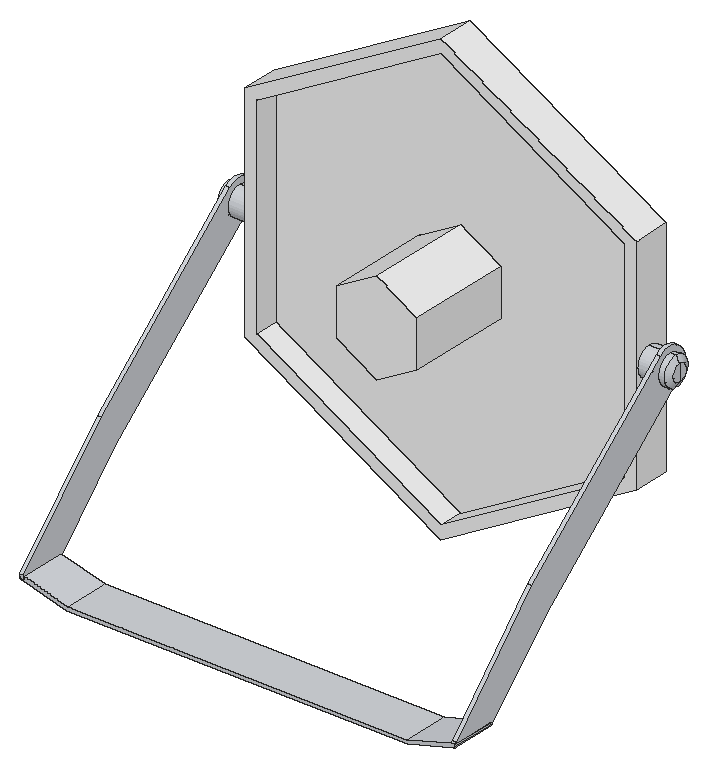
Revit family "Lighting-Floodlights-GEWISS-ESALITE-FL-LED_24K_DALI", category Apparecchi per illuminazione, host Superficie, Revit 2019 (continued)
Definition of nested family "Laterale - FL24"
  Lines and regions (mm)
    detail lines, in view "Livello rif."
      curve 310: line (-342.241, 0.617, 0) -> (-341.851, 0.369, 0)
      curve 311: line (-341.851, 0.369, 0) -> (-341.599, 0.236, 0)
      curve 312: line (-341.599, 0.236, 0) -> (-341.36, 0.132, 0)
      curve 313: line (-341.36, 0.132, 0) -> (-341.045, 0.032, 0)
      curve 314: line (-341.045, 0.032, 0) -> (-340.801, 0, 0)
      curve 315: line (-208.306, 86.16, 0) -> (-208.84, 85.911, 0)
      curve 316: line (-208.84, 85.911, 0) -> (-209.194, 85.725, 0)
      curve 317: line (-209.194, 85.725, 0) -> (-209.88, 85.332, 0)
      curve 318: line (-209.88, 85.332, 0) -> (-210.897, 84.701, 0)
      curve 319: line (-210.897, 84.701, 0) -> (-211.882, 84.069, 0)
      curve 320: line (-211.882, 84.069, 0) -> (-212.37, 83.76, 0)
      curve 321: line (-212.37, 83.76, 0) -> (-212.998, 83.384, 0)
      curve 322: line (-212.998, 83.384, 0) -> (-213.309, 83.216, 0)
      curve 323: line (-208.306, 146.251, 0) -> (-208.726, 146.092, 0)
      curve 324: line (-208.726, 146.092, 0) -> (-209.238, 145.923, 0)
      curve 325: line (-209.238, 145.923, 0) -> (-210.286, 145.605, 0)
      curve 326: line (-210.286, 145.605, 0) -> (-211.386, 145.275, 0)
      curve 327: line (-211.386, 145.275, 0) -> (-212.446, 144.931, 0)
      curve 328: line (-212.446, 144.931, 0) -> (-212.916, 144.756, 0)
      curve 329: line (-212.916, 144.756, 0) -> (-213.309, 144.581, 0)
      curve 330: arc (5.288, 265.386, 0) -> (8.111, 297.828, 0) -> (-24.334, 300.621, 0) r 23.016
      curve 331: circle (-9.507, 283.018, 0) r 7.405 normal (0, 0, 1)
      curve 332: circle (-9.507, 283.018, 0) r 10.707 normal (0, 0, 1)
      curve 333: line (-135.704, 289.405, 0) -> (-85.55, 290.28, 0)
      curve 334: line (-135.704, 276.63, 0) -> (-85.536, 275.755, 0)
      curve 335: line (-65.164, 427.446, 0) -> (-59.787, 427.538, 0)
      curve 336: line (-59.787, 427.538, 0) -> (-65.164, 427.446, 0)
      curve 337: line (-136.695, 277.631, 0) -> (-136.695, 288.404, 0)
      curve 338: line (-100.88, 336.015, 0) -> (-102.35, 336.015, 0)
      curve 339: line (-103.454, 328.872, 0) -> (-102.975, 328.049, 0)
      curve 340: line (-102.975, 328.049, 0) -> (-102.78, 328.055, 0)
      curve 341: line (-102.78, 328.055, 0) -> (-102.308, 328.873, 0)
      curve 342: line (-102.703, 357.247, 0) -> (-102.224, 358.07, 0)
      curve 343: line (-102.224, 358.07, 0) -> (-102.03, 358.064, 0)
      curve 344: line (-102.03, 358.064, 0) -> (-101.558, 357.246, 0)
      curve 345: line (-104.205, 357.246, 0) -> (-103.725, 358.07, 0)
      curve 346: line (-103.725, 358.07, 0) -> (-103.531, 358.064, 0)
      curve 347: line (-103.531, 358.064, 0) -> (-103.06, 357.248, 0)
      curve 348: line (-104.955, 328.872, 0) -> (-104.476, 328.049, 0)
      curve 349: line (-104.476, 328.049, 0) -> (-104.282, 328.055, 0)
      curve 350: line (-104.282, 328.055, 0) -> (-103.81, 328.871, 0)
      curve 351: line (-105.706, 357.246, 0) -> (-105.226, 358.07, 0)
      curve 352: line (-105.226, 358.07, 0) -> (-105.032, 358.064, 0)
      curve 353: line (-105.032, 358.064, 0) -> (-104.56, 357.247, 0)
      curve 354: line (-106.456, 328.872, 0) -> (-105.977, 328.049, 0)
      curve 355: line (-105.977, 328.049, 0) -> (-105.783, 328.055, 0)
      curve 356: line (-105.783, 328.055, 0) -> (-105.311, 328.871, 0)
      curve 357: line (-107.207, 357.246, 0) -> (-106.727, 358.07, 0)
      curve 358: line (-106.727, 358.07, 0) -> (-106.533, 358.064, 0)
      curve 359: line (-106.533, 358.064, 0) -> (-106.061, 357.247, 0)
      curve 360: line (-107.957, 328.872, 0) -> (-107.478, 328.049, 0)
      curve 361: line (-107.478, 328.049, 0) -> (-107.284, 328.055, 0)
      curve 362: line (-107.284, 328.055, 0) -> (-106.812, 328.871, 0)
      curve 363: line (-108.708, 357.246, 0) -> (-108.228, 358.07, 0)
      curve 364: line (-108.228, 358.07, 0) -> (-108.034, 358.064, 0)
      curve 365: line (-108.034, 358.064, 0) -> (-107.562, 357.247, 0)
      curve 366: line (-109.458, 328.872, 0) -> (-108.979, 328.049, 0)
      curve 367: line (-108.979, 328.049, 0) -> (-108.785, 328.055, 0)
      curve 368: line (-108.785, 328.055, 0) -> (-108.313, 328.871, 0)
      curve 369: line (-110.208, 357.247, 0) -> (-109.729, 358.07, 0)
      curve 370: line (-109.729, 358.07, 0) -> (-109.535, 358.064, 0)
      curve 371: line (-109.535, 358.064, 0) -> (-109.064, 357.247, 0)
      curve 372: line (-110.286, 328.055, 0) -> (-109.814, 328.871, 0)
      curve 373: line (-100.616, 328.97, 0) -> (-102.131, 328.97, 0)
      curve 374: line (-95.749, 326.048, 0) -> (-99.607, 326.048, 0)
      curve 375: line (-94.707, 327.879, 0) -> (-79.082, 327.879, 0)
      curve 376: line (-100.598, 357.149, 0) -> (-101.38, 357.149, 0)
      curve 377: line (-95.748, 360.071, 0) -> (-99.607, 360.071, 0)
      curve 378: line (-94.769, 358.24, 0) -> (-81.148, 358.24, 0)
      curve 379: line (-110.382, 359.86, 0) -> (-110.382, 359.183, 0)
      curve 380: line (-110.382, 359.183, 0) -> (-110.382, 355.274, 0)
      curve 381: line (-110.382, 355.123, 0) -> (-110.382, 351.179, 0)
      curve 382: line (-110.382, 351.056, 0) -> (-110.382, 343.528, 0)
      curve 383: line (-110.382, 343.528, 0) -> (-110.382, 343.36, 0)
      curve 384: line (-110.382, 343.36, 0) -> (-110.382, 338.431, 0)
      curve 385: line (-110.382, 338.431, 0) -> (-110.382, 338.257, 0)
      curve 386: line (-110.382, 338.257, 0) -> (-110.382, 331.508, 0)
      curve 387: line (-110.382, 331.421, 0) -> (-110.382, 328.395, 0)
      curve 388: line (-110.382, 328.271, 0) -> (-110.382, 326.25, 0)
      curve 389: line (-113.384, 359.991, 0) -> (-113.384, 359.384, 0)
      curve 390: line (-113.384, 359.384, 0) -> (-113.384, 357.792, 0)
      curve 391: line (-113.384, 357.792, 0) -> (-113.384, 355.42, 0)
      curve 392: line (-113.384, 355.172, 0) -> (-113.384, 351.36, 0)
      curve 393: line (-113.384, 351.159, 0) -> (-113.384, 343.527, 0)
      curve 394: line (-113.384, 343.255, 0) -> (-113.384, 338.489, 0)
      curve 395: line (-113.384, 331.37, 0) -> (-113.384, 338.203, 0)
      curve 396: line (-113.384, 328.294, 0) -> (-113.384, 331.227, 0)
      curve 397: line (-113.384, 328.093, 0) -> (-113.384, 326.054, 0)
      curve 398: line (-113.384, 326.054, 0) -> (-110.591, 326.054, 0)
      curve 399: line (-133.398, 356.862, 0) -> (-133.398, 356.653, 0)
      curve 400: line (-133.398, 356.653, 0) -> (-133.398, 354.326, 0)
      curve 401: line (-133.398, 354.326, 0) -> (-133.398, 351.926, 0)
      curve 402: line (-133.398, 351.926, 0) -> (-133.398, 347.672, 0)
      curve 403: line (-133.398, 347.672, 0) -> (-133.398, 338.447, 0)
      curve 404: line (-133.398, 338.447, 0) -> (-133.398, 334.099, 0)
      curve 405: line (-133.398, 334.099, 0) -> (-133.398, 329.487, 0)
      curve 406: line (-133.398, 329.487, 0) -> (-133.398, 329.257, 0)
      curve 407: line (-113.382, 360.065, 0) -> (-110.582, 360.065, 0)
      curve 408: line (-132.255, 358.012, 0) -> (-126.655, 358.012, 0)
      curve 409: line (-132.255, 328.107, 0) -> (-126.702, 328.107, 0)
      curve 410: line (-133.252, 357.216, 0) -> (-132.603, 357.865, 0)
      curve 411: line (-133.252, 328.903, 0) -> (-132.603, 328.254, 0)
      curve 412: line (-80.61, 364.415, 0) -> (-77.246, 364.415, 0)
      curve 413: line (57.131, 13.22, 0) -> (60.042, 23.991, 0)
      curve 414: line (60.042, 23.948, 0) -> (60.042, 542.087, 0)
      curve 415: line (0, 259.295, 0) -> (0, 260.949, 0)
      curve 416: line (0, 260.949, 0) -> (0, 33.93, 0)
      curve 417: line (0, 33.93, 0) -> (0, 16.436, 0)
      curve 418: line (0, 16.436, 0) -> (0, 15.899, 0)
      curve 419: line (0, 550.136, 0) -> (0, 532.089, 0)
      curve 420: line (0, 532.089, 0) -> (0, 303.979, 0)
      curve 421: line (56.509, 13.22, 0) -> (0.979, 14.899, 0)
      curve 422: line (56.509, 552.815, 0) -> (0.979, 551.136, 0)
      curve 423: line (-0.981, 34.213, 0) -> (-15.159, 34.489, 0)
      curve 424: line (-15.159, 531.546, 0) -> (-0.949, 531.823, 0)
      curve 425: line (-0.949, 531.823, 0) -> (-15.159, 531.546, 0)
      curve 426: line (-49.495, 79.38, 0) -> (-59.642, 138.254, 0)
      curve 427: line (-49.174, 60.525, 0) -> (-51.634, 74.648, 0)
      curve 428: line (-51.697, 75.344, 0) -> (-51.697, 75.668, 0)
      curve 429: line (-213.309, 83.216, 0) -> (-295.06, 0, 0)
      curve 430: line (-295.06, 0, 0) -> (-340.801, 0, 0)
      curve 431: line (-213.309, 144.581, 0) -> (-345.514, 10.007, 0)
      curve 432: line (5.288, 265.386, 0) -> (-208.306, 86.16, 0)
      curve 433: line (-24.334, 300.621, 0) -> (-208.306, 146.251, 0)
      curve 434: arc (-79.651, 269.739, 0) -> (-79.599, 262.039, 0) -> (-79.491, 254.339, 0) r 1058.743
      curve 435: arc (-74.529, 397.092, 0) -> (-78.292, 346.747, 0) -> (-79.651, 296.28, 0) r 1058.747
      curve 436: line (-102.381, 336.015, 0) -> (-102.282, 331.719, 0)
      curve 437: line (-102.282, 331.719, 0) -> (-102.228, 330.122, 0)
      curve 438: line (-102.228, 330.122, 0) -> (-102.19, 329.401, 0)
      curve 439: line (-102.19, 329.401, 0) -> (-102.15, 329.019, 0)
      curve 440: line (-100.178, 328.71, 0) -> (-100.133, 326.875, 0)
      curve 441: line (-100.133, 326.875, 0) -> (-100.112, 326.552, 0)
      curve 442: line (-100.093, 326.664, 0) -> (-100.081, 326.969, 0)
      curve 443: line (-100.081, 326.969, 0) -> (-100.061, 328.127, 0)
      curve 444: line (-100.061, 328.127, 0) -> (-100.036, 333.103, 0)
      curve 445: line (-100.036, 333.103, 0) -> (-100.036, 340.348, 0)
      curve 446: line (-100.036, 340.348, 0) -> (-100.083, 348.214, 0)
      curve 447: line (-100.083, 348.214, 0) -> (-100.144, 354.902, 0)
      curve 448: line (-100.144, 354.902, 0) -> (-100.179, 357.363, 0)
      curve 449: spline (-110.582, 326.054, 0) -> (-110.556, 326.056, 0) -> (-110.53, 326.061, 0) -> (-110.506, 326.069, 0) -> (-110.482, 326.081, 0) -> (-110.46, 326.096, 0) -> (-110.441, 326.113, 0) -> (-110.423, 326.132, 0) -> (-110.409, 326.154, 0) -> (-110.397, 326.178, 0) -> (-110.389, 326.202, 0) -> (-110.384, 326.228, 0) -> (-110.382, 326.254, 0)
      curve 450: arc (-122.823, 325.447, 0) -> (-122.235, 325.381, 0) -> (-121.646, 325.327, 0) r 25.802
      curve 451: arc (-121.635, 325.326, 0) -> (-117.479, 325.344, 0) -> (-113.384, 326.054, 0) r 24.846
      curve 452: line (-113.384, 326.054, 0) -> (-110.591, 326.054, 0)
      curve 453: line (56.522, 148.147, 0) -> (0, 148.717, 0)
      curve 454: line (60.042, 417.563, 0) -> (0, 417.318, 0)
      curve 455: line (-49.178, 60.546, 0) -> (-49.178, 60.899, 0)
      curve 456: line (-49.495, 486.655, 0) -> (-59.787, 427.538, 0)
      curve 457: circle (-9.507, 283.018, 0) r 18.013 normal (0, 0, 1)
      curve 458: line (57.131, 13.22, 0) -> (56.522, 13.22, 0)
      curve 459: line (56.522, 13.22, 0) -> (56.522, 552.815, 0)
      curve 460: line (56.522, 552.815, 0) -> (56.942, 552.815, 0)
      curve 461: line (-65.164, 138.589, 0) -> (-60.631, 138.481, 0)
      curve 462: line (-80.912, 364.115, 0) -> (-80.912, 359.233, 0)
      curve 463: line (-49.174, 505.51, 0) -> (-51.697, 490.367, 0)
Definition of nested family "Dall'alto - FL24"
  Reference planes
    plane 1 "Centro (Fronte/Retro)": y = 0
    plane 2: z = 0
    plane 3 "Centro (Sinistra/Destra)": x = 0
  Lines and regions (mm)
    model lines, in view "Livello rif."
      curve 1: arc (8.393, 66.647, 0) -> (9.094, 66.933, 0) -> (9.393, 67.63, 0) r 1.001
      curve 2: arc (138.425, 118.733, 0) -> (138.115, 119.408, 0) -> (137.426, 119.684, 0) r 1.001
      curve 3: arc (-132.321, 130.127, 0) -> (-135.319, 128.469, 0) -> (-136.548, 125.271, 0) r 5.003
      curve 4: arc (-112.58, 132.969, 0) -> (-122.46, 131.61, 0) -> (-132.321, 130.127, 0) r 790.117
      curve 5: arc (133.058, 130.127, 0) -> (129.671, 130.651, 0) -> (126.281, 131.159, 0) r 770.023
      curve 6: arc (137.285, 125.27, 0) -> (136.056, 128.469, 0) -> (133.058, 130.126, 0) r 5.004
      curve 7: arc (-98.818, 134.656, 0) -> (-105.702, 133.842, 0) -> (-112.58, 132.969, 0) r 806.288
      curve 8: arc (-30.956, 139.408, 0) -> (-26.852, 141.184, 0) -> (-25.114, 145.305, 0) r 6.004
      curve 9: arc (25.851, 145.305, 0) -> (27.59, 141.183, 0) -> (31.696, 139.408, 0) r 6.004
      curve 10: arc (25.382, 172.157, 0) -> (0.368, 196.737, 0) -> (-24.645, 172.156, 0) r 25.017
      curve 11: arc (103.139, 118.748, 0) -> (102.825, 119.413, 0) -> (102.141, 119.684, 0) r 1.001
      curve 12: line (94.415, 119.684, 0) -> (94.181, 119.792, 0)
      curve 13: line (94.181, 119.792, 0) -> (94.055, 119.912, 0)
      curve 14: line (94.055, 119.912, 0) -> (93.909, 120.143, 0)
      curve 15: line (93.909, 120.143, 0) -> (93.795, 120.438, 0)
      curve 16: line (93.795, 120.438, 0) -> (93.765, 120.628, 0)
      curve 17: arc (93.631, 123.083, 0) -> (93.37, 123.711, 0) -> (92.768, 124.028, 0) r 1.001
      curve 18: line (92.19, 124.105, 0) -> (89.052, 124.552, 0)
      curve 19: line (89.052, 124.552, 0) -> (87.651, 124.778, 0)
      curve 20: arc (-80.565, 136.512, 0) -> (-89.697, 135.637, 0) -> (-98.818, 134.656, 0) r 791.309
      curve 21: arc (-30.955, 139.41, 0) -> (-45.979, 138.863, 0) -> (-60.989, 138.03, 0) r 791.315
      curve 22: arc (89.17, 135.765, 0) -> (60.464, 138.111, 0) -> (31.692, 139.41, 0) r 791.329
      curve 23: arc (88.748, 128.903, 0) -> (89.048, 129.07, 0) -> (89.17, 129.39, 0) r 0.501
      curve 24: arc (118.552, 161.975, 0) -> (118.48, 161.899, 0) -> (118.454, 161.797, 0) r 0.209
      curve 25: arc (90.274, 161.047, 0) -> (90.248, 161.149, 0) -> (90.176, 161.225, 0) r 0.209
      curve 26: arc (90.274, 162.55, 0) -> (90.248, 162.651, 0) -> (90.176, 162.726, 0) r 0.209
      curve 27: line (87.885, 128.895, 0) -> (88.748, 128.903, 0)
      curve 28: arc (90.177, 162.37, 0) -> (90.249, 162.447, 0) -> (90.274, 162.55, 0) r 0.209
      curve 29: arc (118.553, 163.477, 0) -> (118.479, 163.398, 0) -> (118.454, 163.293, 0) r 0.209
      curve 30: arc (118.454, 163.293, 0) -> (118.481, 163.194, 0) -> (118.552, 163.12, 0) r 0.21
      curve 31: arc (90.274, 164.048, 0) -> (90.248, 164.15, 0) -> (90.176, 164.227, 0) r 0.21
      curve 32: arc (90.177, 163.87, 0) -> (90.248, 163.947, 0) -> (90.274, 164.048, 0) r 0.21
      curve 33: arc (95.305, 131.124, 0) -> (95.242, 131.236, 0) -> (95.136, 131.309, 0) r 0.289
      curve 34: line (95.136, 131.309, 0) -> (94.858, 131.451, 0)
      curve 35: line (94.858, 131.451, 0) -> (94.59, 131.658, 0)
      curve 36: line (94.59, 131.658, 0) -> (94.344, 131.941, 0)
      curve 37: line (94.344, 131.941, 0) -> (94.152, 132.274, 0)
      curve 38: line (94.152, 132.274, 0) -> (94.022, 132.641, 0)
      curve 39: line (94.022, 132.641, 0) -> (93.959, 133.029, 0)
      curve 40: line (93.959, 133.029, 0) -> (93.963, 133.423, 0)
      curve 41: line (93.963, 133.423, 0) -> (94.035, 133.81, 0)
      curve 42: line (94.035, 133.81, 0) -> (94.174, 134.176, 0)
      curve 43: line (94.174, 134.176, 0) -> (94.375, 134.505, 0)
      curve 44: line (94.375, 134.505, 0) -> (94.574, 134.729, 0)
      curve 45: arc (118.552, 164.978, 0) -> (118.479, 164.9, 0) -> (118.454, 164.796, 0) r 0.209
      curve 46: arc (118.454, 164.796, 0) -> (118.481, 164.696, 0) -> (118.552, 164.621, 0) r 0.21
      curve 47: arc (90.274, 165.541, 0) -> (90.25, 165.648, 0) -> (90.177, 165.728, 0) r 0.209
      curve 48: arc (90.176, 165.371, 0) -> (90.246, 165.444, 0) -> (90.274, 165.541, 0) r 0.21
      curve 49: arc (118.552, 166.479, 0) -> (118.479, 166.401, 0) -> (118.454, 166.297, 0) r 0.209
      curve 50: arc (118.454, 166.297, 0) -> (118.481, 166.197, 0) -> (118.552, 166.122, 0) r 0.21
      curve 51: arc (90.274, 167.042, 0) -> (90.25, 167.149, 0) -> (90.177, 167.229, 0) r 0.209
      curve 52: arc (90.176, 166.872, 0) -> (90.246, 166.945, 0) -> (90.274, 167.042, 0) r 0.21
      curve 53: arc (118.552, 167.98, 0) -> (118.479, 167.902, 0) -> (118.454, 167.798, 0) r 0.209
      curve 54: arc (118.454, 167.798, 0) -> (118.481, 167.698, 0) -> (118.552, 167.623, 0) r 0.21
      curve 55: arc (90.274, 168.543, 0) -> (90.25, 168.65, 0) -> (90.177, 168.73, 0) r 0.209
      curve 56: arc (90.176, 168.374, 0) -> (90.246, 168.446, 0) -> (90.274, 168.543, 0) r 0.21
      curve 57: arc (118.552, 169.481, 0) -> (118.479, 169.403, 0) -> (118.454, 169.299, 0) r 0.209
      curve 58: arc (118.454, 169.299, 0) -> (118.481, 169.199, 0) -> (118.552, 169.124, 0) r 0.21
      curve 59: arc (89.959, 160.147, 0) -> (90.188, 160.331, 0) -> (90.274, 160.611, 0) r 0.5
      curve 60: line (89.959, 160.147, 0) -> (88.289, 160.116, 0)
      curve 61: line (88.289, 160.116, 0) -> (87.892, 160.102, 0)
      curve 62: line (87.892, 160.102, 0) -> (87.711, 160.076, 0)
      curve 63: line (87.711, 160.076, 0) -> (87.559, 160.001, 0)
      curve 64: line (87.559, 160.001, 0) -> (87.44, 159.879, 0)
      curve 65: line (87.44, 159.879, 0) -> (87.352, 159.688, 0)
      curve 66: line (88.773, 155.311, 0) -> (87.892, 155.336, 0)
      curve 67: line (87.892, 155.336, 0) -> (87.711, 155.362, 0)
      curve 68: line (87.711, 155.362, 0) -> (87.559, 155.438, 0)
      curve 69: line (87.559, 155.438, 0) -> (87.44, 155.559, 0)
      curve 70: line (87.44, 155.559, 0) -> (87.352, 155.751, 0)
      curve 71: arc (89.17, 154.827, 0) -> (89.057, 155.139, 0) -> (88.773, 155.311, 0) r 0.501
      curve 72: arc (118.454, 160.611, 0) -> (118.578, 160.281, 0) -> (118.889, 160.116, 0) r 0.499
      curve 73: line (120.929, 160.116, 0) -> (121.163, 160.005, 0)
      curve 74: line (121.163, 160.005, 0) -> (121.285, 159.883, 0)
      curve 75: line (121.285, 159.883, 0) -> (121.376, 159.689, 0)
      curve 76: line (119.958, 155.312, 0) -> (120.738, 155.332, 0)
      curve 77: line (120.738, 155.332, 0) -> (120.939, 155.345, 0)
      curve 78: line (120.939, 155.345, 0) -> (121.099, 155.394, 0)
      curve 79: line (121.099, 155.394, 0) -> (121.231, 155.491, 0)
      curve 80: line (121.231, 155.491, 0) -> (121.329, 155.632, 0)
      curve 81: line (121.329, 155.632, 0) -> (121.374, 155.799, 0)
      curve 82: arc (119.958, 155.312, 0) -> (119.671, 155.138, 0) -> (119.558, 154.822, 0) r 0.5
      curve 83: arc (117.874, 192.94, 0) -> (117.727, 193.294, 0) -> (117.373, 193.44, 0) r 0.5
      curve 84: arc (91.355, 193.44, 0) -> (91.001, 193.294, 0) -> (90.855, 192.94, 0) r 0.5
      curve 85: arc (87.359, 170.632, 0) -> (87.414, 170.486, 0) -> (87.558, 170.424, 0) r 0.2
      curve 86: arc (121.169, 170.424, 0) -> (121.311, 170.482, 0) -> (121.37, 170.624, 0) r 0.2
      curve 87: arc (121.979, 182.846, 0) -> (121.726, 184.429, 0) -> (121.373, 185.993, 0) r 25.018
      curve 88: arc (87.324, 185.874, 0) -> (86.993, 184.381, 0) -> (86.753, 182.87, 0) r 25.018
      curve 89: arc (86.636, 181.736, 0) -> (86.646, 177.549, 0) -> (87.359, 173.423, 0) r 24.866
      curve 90: arc (121.37, 173.424, 0) -> (122.08, 177.531, 0) -> (122.096, 181.698, 0) r 24.866
      curve 91: arc (122.096, 181.698, 0) -> (122.043, 182.273, 0) -> (121.979, 182.846, 0) r 25.77
      curve 92: line (118.329, 186.195, 0) -> (120.417, 186.171, 0)
      curve 93: line (120.417, 186.171, 0) -> (120.884, 186.156, 0)
      curve 94: line (120.884, 186.156, 0) -> (121.061, 186.136, 0)
      curve 95: line (121.061, 186.136, 0) -> (121.373, 185.993, 0)
      curve 96: arc (86.753, 182.869, 0) -> (86.682, 182.246, 0) -> (86.627, 181.622, 0) r 25.77
      curve 97: line (90.482, 186.209, 0) -> (88.217, 186.169, 0)
      curve 98: line (88.217, 186.169, 0) -> (87.694, 186.15, 0)
      curve 99: line (87.694, 186.15, 0) -> (87.489, 186.053, 0)
      curve 100: line (87.489, 186.053, 0) -> (87.324, 185.874, 0)
      curve 101: arc (117.874, 186.692, 0) -> (118.005, 186.355, 0) -> (118.329, 186.195, 0) r 0.5
      curve 102: arc (90.482, 186.209, 0) -> (90.748, 186.384, 0) -> (90.855, 186.685, 0) r 0.5
      curve 103: spline (109.76, 130.947, 0) -> (109.676, 130.945, 0) -> (109.592, 130.941, 0) -> (109.508, 130.934, 0) -> (109.425, 130.924, 0) -> (109.342, 130.912, 0) -> (109.259, 130.897, 0) -> (109.176, 130.879, 0) -> (109.094, 130.859, 0) -> (109.012, 130.836, 0) -> (108.931, 130.811, 0) -> (108.851, 130.783, 0) -> (108.771, 130.752, 0)
      curve 104: spline (108.771, 130.752, 0) -> (107.964, 130.38, 0) -> (107.188, 129.932, 0) -> (106.446, 129.41, 0) -> (105.744, 128.819, 0) -> (105.088, 128.162, 0) -> (104.481, 127.445, 0) -> (103.929, 126.671, 0) -> (103.434, 125.847, 0) -> (103, 124.978, 0) -> (102.631, 124.07, 0) -> (102.329, 123.13, 0) -> (102.096, 122.164, 0)
      curve 105: spline (101.189, 119.684, 0) -> (101.292, 119.875, 0) -> (101.39, 120.07, 0) -> (101.483, 120.268, 0) -> (101.572, 120.469, 0) -> (101.655, 120.673, 0) -> (101.733, 120.88, 0) -> (101.807, 121.088, 0) -> (101.875, 121.3, 0) -> (101.938, 121.513, 0) -> (101.996, 121.728, 0) -> (102.048, 121.945, 0) -> (102.096, 122.164, 0)
      curve 106: arc (112.685, 141.013, 0) -> (112.866, 141.11, 0) -> (113.027, 141.236, 0) r 1.208
      curve 107: arc (112.395, 140.954, 0) -> (112.543, 140.97, 0) -> (112.684, 141.014, 0) r 0.79
      curve 108: arc (114.068, 142.535, 0) -> (114.564, 143.213, 0) -> (115.016, 143.922, 0) r 13.211
      curve 109: line (114.068, 142.535, 0) -> (113.584, 141.884, 0)
      curve 110: line (113.584, 141.884, 0) -> (113.335, 141.56, 0)
      curve 111: line (113.335, 141.56, 0) -> (113.212, 141.418, 0)
      curve 112: line (113.212, 141.418, 0) -> (113.027, 141.236, 0)
      curve 113: arc (118.837, 149.045, 0) -> (116.859, 146.684, 0) -> (115.14, 144.127, 0) r 29.223
      curve 114: line (118.857, 149.065, 0) -> (119.314, 149.504, 0)
      curve 115: line (119.314, 149.504, 0) -> (119.823, 149.909, 0)
      curve 116: line (119.823, 149.909, 0) -> (120.364, 150.267, 0)
      curve 117: line (120.364, 150.267, 0) -> (120.917, 150.566, 0)
      curve 118: line (120.917, 150.566, 0) -> (121.455, 150.796, 0)
      curve 119: line (121.455, 150.796, 0) -> (121.942, 150.941, 0)
      curve 120: line (121.942, 150.941, 0) -> (122.16, 150.979, 0)
      curve 121: line (122.16, 150.979, 0) -> (122.356, 150.992, 0)
      curve 122: line (126.71, 150.959, 0) -> (126.362, 150.992, 0)
      curve 123: arc (107.994, 140.954, 0) -> (107.449, 140.882, 0) -> (106.935, 140.688, 0) r 2.377
      curve 124: line (91.731, 136.129, 0) -> (92.073, 135.721, 0)
      curve 125: line (92.073, 135.721, 0) -> (92.415, 135.413, 0)
      curve 126: line (92.415, 135.413, 0) -> (92.825, 135.137, 0)
      curve 127: line (92.825, 135.137, 0) -> (93.25, 134.934, 0)
      curve 128: line (93.25, 134.934, 0) -> (93.672, 134.805, 0)
      curve 129: line (93.672, 134.805, 0) -> (94.1, 134.739, 0)
      curve 130: line (94.1, 134.739, 0) -> (94.34, 134.729, 0)
      curve 131: spline (91.128, 138.04, 0) -> (91.132, 137.867, 0) -> (91.145, 137.695, 0) -> (91.167, 137.524, 0) -> (91.197, 137.355, 0) -> (91.236, 137.188, 0) -> (91.283, 137.025, 0) -> (91.339, 136.864, 0) -> (91.402, 136.707, 0) -> (91.473, 136.555, 0) -> (91.552, 136.408, 0) -> (91.638, 136.266, 0) -> (91.731, 136.129, 0)
      curve 132: spline (102.701, 139.642, 0) -> (103.064, 139.649, 0) -> (103.427, 139.671, 0) -> (103.789, 139.708, 0) -> (104.15, 139.759, 0) -> (104.509, 139.825, 0) -> (104.865, 139.906, 0) -> (105.219, 140.001, 0) -> (105.57, 140.11, 0) -> (105.918, 140.234, 0) -> (106.262, 140.371, 0) -> (106.601, 140.523, 0) -> (106.935, 140.688, 0)
      curve 133: line (92.708, 141.747, 0) -> (92.362, 141.479, 0)
      curve 134: line (92.362, 141.479, 0) -> (92.05, 141.161, 0)
      curve 135: line (92.05, 141.161, 0) -> (91.783, 140.809, 0)
      curve 136: line (91.783, 140.809, 0) -> (91.548, 140.403, 0)
      curve 137: line (91.548, 140.403, 0) -> (91.366, 139.976, 0)
      curve 138: line (91.366, 139.976, 0) -> (91.234, 139.527, 0)
      curve 139: line (91.234, 139.527, 0) -> (91.154, 139.063, 0)
      curve 140: line (91.154, 139.063, 0) -> (91.128, 138.592, 0)
      curve 141: line (94.34, 142.254, 0) -> (93.886, 142.218, 0)
      curve 142: line (93.886, 142.218, 0) -> (93.465, 142.116, 0)
      curve 143: line (93.465, 142.116, 0) -> (93.056, 141.95, 0)
      curve 144: line (93.056, 141.95, 0) -> (92.775, 141.791, 0)
      curve 145: line (124.236, 140.954, 0) -> (124.037, 141.02, 0)
      curve 146: line (124.037, 141.02, 0) -> (123.634, 141.292, 0)
      curve 147: arc (124.262, 130.947, 0) -> (123.631, 130.866, 0) -> (123.04, 130.628, 0) r 2.5
      curve 148: arc (126.281, 140.653, 0) -> (126.193, 140.866, 0) -> (125.98, 140.954, 0) r 0.3
      curve 149: line (123.821, 142.48, 0) -> (124.049, 143.018, 0)
      curve 150: line (124.049, 143.018, 0) -> (124.355, 143.57, 0)
      curve 151: line (124.355, 143.57, 0) -> (124.486, 143.775, 0)
      curve 152: arc (127.094, 147.103, 0) -> (125.724, 145.491, 0) -> (124.486, 143.775, 0) r 26.559
      curve 153: line (127.947, 149.063, 0) -> (128.017, 148.91, 0)
      curve 154: line (128.017, 148.91, 0) -> (128.042, 148.713, 0)
      curve 155: line (128.042, 148.713, 0) -> (128.008, 148.482, 0)
      curve 156: line (128.008, 148.482, 0) -> (127.907, 148.217, 0)
      curve 157: line (127.907, 148.217, 0) -> (127.716, 147.883, 0)
      curve 158: line (127.716, 147.883, 0) -> (127.41, 147.467, 0)
      curve 159: line (127.41, 147.467, 0) -> (127.094, 147.103, 0)
      curve 160: line (123.634, 141.292, 0) -> (123.645, 141.749, 0)
      curve 161: line (123.645, 141.749, 0) -> (123.716, 142.137, 0)
      curve 162: line (123.716, 142.137, 0) -> (123.821, 142.48, 0)
      curve 163: arc (-238.237, 3.528, 0) -> (-237.953, 2.804, 0) -> (-237.236, 2.502, 0) r 1.001
      curve 164: arc (-142.65, 113.147, 0) -> (-144.392, 116.941, 0) -> (-148.405, 118.094, 0) r 5.003
      curve 165: arc (237.973, 2.502, 0) -> (238.687, 2.801, 0) -> (238.974, 3.52, 0) r 1.001
      curve 166: arc (237.722, 75.251, 0) -> (234.368, 89.557, 0) -> (225.441, 101.228, 0) r 35.025
      curve 167: arc (149.142, 118.094, 0) -> (145.129, 116.941, 0) -> (143.387, 113.147, 0) r 5.003
      curve 168: spline (225.441, 101.228, 0) -> (224.319, 102.241, 0) -> (223.159, 103.193, 0) -> (221.961, 104.081, 0) -> (220.729, 104.904, 0) -> (219.465, 105.661, 0) -> (218.172, 106.349, 0) -> (216.853, 106.966, 0) -> (215.51, 107.513, 0) -> (214.147, 107.986, 0) -> (212.767, 108.387, 0) -> (211.372, 108.712, 0) -> (209.966, 108.963, 0)
      curve 169: arc (-264.817, 55.038, 0) -> (-265.524, 54.745, 0) -> (-265.817, 54.038, 0) r 1.001
      curve 170: arc (-241.801, 62.043, 0) -> (-245.339, 60.578, 0) -> (-246.804, 57.04, 0) r 5.003
      curve 171: arc (266.554, 54.038, 0) -> (266.261, 54.745, 0) -> (265.554, 55.038, 0) r 1.001
      curve 172: arc (247.541, 57.04, 0) -> (246.076, 60.578, 0) -> (242.538, 62.043, 0) r 5.003
      curve 173: line (-192.321, 403.054, 0) -> (-192.178, 403.284, 0)
      curve 174: line (-191.622, 403.435, 0) -> (-191.425, 403.25, 0)
      curve 175: line (-191.425, 403.25, 0) -> (-191.14, 402.937, 0)
      curve 176: line (-191.14, 402.937, 0) -> (-190.807, 402.572, 0)
      curve 177: line (-190.807, 402.572, 0) -> (-190.27, 402.039, 0)
      curve 178: line (-190.27, 402.039, 0) -> (-189.966, 401.774, 0)
      curve 179: line (-189.966, 401.774, 0) -> (-189.619, 401.509, 0)
      curve 180: line (-189.619, 401.509, 0) -> (-189.247, 401.27, 0)
      curve 181: line (-189.247, 401.27, 0) -> (-188.888, 401.087, 0)
      curve 182: line (-188.888, 401.087, 0) -> (-188.512, 400.947, 0)
      curve 183: line (-188.512, 400.947, 0) -> (-188.12, 400.863, 0)
      curve 184: line (-188.12, 400.863, 0) -> (-187.82, 400.843, 0)
      curve 185: line (-196.654, 405.556, 0) -> (-196.487, 405.803, 0)
      curve 186: line (-195.926, 405.92, 0) -> (-195.775, 405.843, 0)
      curve 187: arc (-272.97, 273.373, 0) -> (-273.979, 270.95, 0) -> (-274.323, 268.348, 0) r 10.007
      curve 188: arc (-268.649, 270.849, 0) -> (-269.149, 269.643, 0) -> (-269.32, 268.348, 0) r 5.003
      curve 189: line (-227.126, 342.77, 0) -> (-226.893, 343.147, 0)
      curve 190: line (-226.893, 343.147, 0) -> (-226.721, 343.401, 0)
      curve 191: line (-226.721, 343.401, 0) -> (-226.349, 343.916, 0)
      curve 192: line (-226.349, 343.916, 0) -> (-225.741, 344.707, 0)
      curve 193: line (-225.741, 344.707, 0) -> (-224.454, 346.344, 0)
      curve 194: line (-224.454, 346.344, 0) -> (-223.303, 347.832, 0)
      curve 195: line (-223.303, 347.832, 0) -> (-222.133, 349.353, 0)
      curve 196: line (-222.133, 349.353, 0) -> (-221.341, 350.354, 0)
      curve 197: line (-221.341, 350.354, 0) -> (-220.938, 350.846, 0)
      curve 198: line (-220.938, 350.846, 0) -> (-220.393, 351.482, 0)
      curve 199: line (-220.393, 351.482, 0) -> (-219.831, 352.094, 0)
      curve 200: line (-219.831, 352.094, 0) -> (-219.325, 352.6, 0)
      curve 201: line (-219.325, 352.6, 0) -> (-218.799, 353.074, 0)
      curve 202: line (-218.799, 353.074, 0) -> (-218.206, 353.54, 0)
      curve 203: line (-218.206, 353.54, 0) -> (-217.579, 353.949, 0)
      curve 204: line (-217.579, 353.949, 0) -> (-217.247, 354.131, 0)
      curve 205: line (-217.247, 354.131, 0) -> (-216.906, 354.294, 0)
      curve 206: line (-216.906, 354.294, 0) -> (-216.563, 354.433, 0)
      curve 207: line (-216.563, 354.433, 0) -> (-216.211, 354.551, 0)
      curve 208: line (-216.211, 354.551, 0) -> (-215.625, 354.696, 0)
      curve 209: line (-215.625, 354.696, 0) -> (-215.018, 354.783, 0)
      curve 210: line (-215.018, 354.783, 0) -> (-214.396, 354.811, 0)
      curve 211: line (197.391, 405.556, 0) -> (197.224, 405.803, 0)
      curve 212: line (196.663, 405.92, 0) -> (196.512, 405.843, 0)
      curve 213: line (190.407, 401.548, 0) -> (189.952, 401.334, 0)
      curve 214: line (189.952, 401.334, 0) -> (189.482, 401.139, 0)
      curve 215: line (189.482, 401.139, 0) -> (189.021, 400.975, 0)
      curve 216: line (189.021, 400.975, 0) -> (188.557, 400.843, 0)
      curve 217: line (192.359, 403.435, 0) -> (192.162, 403.25, 0)
      curve 218: line (192.162, 403.25, 0) -> (191.877, 402.937, 0)
      curve 219: line (191.877, 402.937, 0) -> (191.544, 402.572, 0)
      curve 220: line (191.544, 402.572, 0) -> (191.007, 402.039, 0)
      curve 221: line (191.007, 402.039, 0) -> (190.703, 401.774, 0)
      curve 222: line (190.703, 401.774, 0) -> (190.356, 401.509, 0)
      curve 223: line (190.356, 401.509, 0) -> (189.984, 401.27, 0)
      curve 224: line (189.984, 401.27, 0) -> (189.625, 401.087, 0)
      curve 225: line (189.625, 401.087, 0) -> (189.249, 400.947, 0)
      curve 226: line (189.249, 400.947, 0) -> (188.857, 400.863, 0)
      curve 227: line (188.857, 400.863, 0) -> (188.557, 400.843, 0)
      curve 228: arc (275.06, 268.348, 0) -> (274.719, 270.938, 0) -> (273.72, 273.351, 0) r 10.007
      curve 229: arc (270.057, 268.348, 0) -> (269.886, 269.643, 0) -> (269.386, 270.849, 0) r 5.003
      curve 230: line (227.863, 342.77, 0) -> (227.63, 343.147, 0)
      curve 231: line (227.63, 343.147, 0) -> (227.458, 343.401, 0)
      curve 232: line (227.458, 343.401, 0) -> (227.086, 343.916, 0)
      curve 233: line (227.086, 343.916, 0) -> (226.478, 344.707, 0)
      curve 234: line (226.478, 344.707, 0) -> (225.191, 346.344, 0)
      curve 235: line (225.191, 346.344, 0) -> (224.04, 347.832, 0)
      curve 236: line (224.04, 347.832, 0) -> (222.87, 349.353, 0)
      curve 237: line (222.87, 349.353, 0) -> (222.078, 350.354, 0)
      curve 238: line (222.078, 350.354, 0) -> (221.675, 350.846, 0)
      curve 239: line (221.675, 350.846, 0) -> (221.13, 351.482, 0)
      curve 240: line (221.13, 351.482, 0) -> (220.568, 352.094, 0)
      curve 241: line (220.568, 352.094, 0) -> (220.062, 352.6, 0)
      curve 242: line (220.062, 352.6, 0) -> (219.536, 353.074, 0)
      curve 243: line (219.536, 353.074, 0) -> (218.943, 353.54, 0)
      curve 244: line (218.943, 353.54, 0) -> (218.316, 353.949, 0)
      curve 245: line (218.316, 353.949, 0) -> (217.984, 354.131, 0)
      curve 246: line (217.984, 354.131, 0) -> (217.643, 354.294, 0)
      curve 247: line (217.643, 354.294, 0) -> (217.3, 354.433, 0)
      curve 248: line (217.3, 354.433, 0) -> (216.948, 354.551, 0)
      curve 249: line (216.948, 354.551, 0) -> (216.362, 354.696, 0)
      curve 250: line (216.362, 354.696, 0) -> (215.755, 354.783, 0)
      curve 251: line (215.755, 354.783, 0) -> (215.133, 354.811, 0)
      curve 252: arc (-282.002, 51.539, 0) -> (-283.993, 55.218, 0) -> (-286.131, 58.813, 0) r 103.366
      curve 253: arc (-224.704, 101.228, 0) -> (-233.664, 89.486, 0) -> (-236.987, 75.094, 0) r 35.025
      curve 254: spline (-224.704, 101.228, 0) -> (-223.585, 102.239, 0) -> (-222.426, 103.189, 0) -> (-221.231, 104.076, 0) -> (-220.001, 104.899, 0) -> (-218.739, 105.654, 0) -> (-217.449, 106.342, 0) -> (-216.132, 106.959, 0) -> (-214.792, 107.505, 0) -> (-213.432, 107.979, 0) -> (-212.055, 108.38, 0) -> (-210.663, 108.707, 0) -> (-209.259, 108.958, 0)
      curve 255: arc (-8.656, 67.63, 0) -> (-8.357, 66.933, 0) -> (-7.656, 66.647, 0) r 1.001
      curve 256: line (8.393, 66.647, 0) -> (-7.656, 66.647, 0)
      curve 257: line (94.415, 119.684, 0) -> (102.141, 119.684, 0)
      curve 258: line (-136.559, 118.727, 0) -> (-136.559, 125.199, 0)
      curve 259: line (-25.114, 145.305, 0) -> (-24.645, 172.156, 0)
      curve 260: line (25.851, 145.305, 0) -> (25.382, 172.157, 0)
      curve 261: line (92.19, 124.105, 0) -> (92.768, 124.028, 0)
      curve 262: line (93.765, 120.628, 0) -> (93.631, 123.083, 0)
      curve 263: line (118.552, 163.12, 0) -> (119.375, 162.641, 0)
      curve 264: line (119.375, 162.641, 0) -> (119.369, 162.447, 0)
      curve 265: line (119.369, 162.447, 0) -> (118.552, 161.975, 0)
      curve 266: line (90.177, 162.37, 0) -> (89.354, 161.891, 0)
      curve 267: line (89.354, 161.891, 0) -> (89.359, 161.697, 0)
      curve 268: line (89.359, 161.697, 0) -> (90.176, 161.225, 0)
      curve 269: line (95.305, 119.684, 0) -> (95.305, 131.124, 0)
      curve 270: line (90.177, 163.87, 0) -> (89.354, 163.392, 0)
      curve 271: line (89.354, 163.392, 0) -> (89.359, 163.198, 0)
      curve 272: line (89.359, 163.198, 0) -> (90.176, 162.726, 0)
      curve 273: line (87.651, 128.694, 0) -> (87.651, 124.778, 0)
      curve 274: line (118.552, 164.621, 0) -> (119.375, 164.142, 0)
      curve 275: line (119.375, 164.142, 0) -> (119.369, 163.948, 0)
      curve 276: line (119.369, 163.948, 0) -> (118.553, 163.477, 0)
      curve 277: line (90.176, 165.371, 0) -> (89.354, 164.893, 0)
      curve 278: line (89.354, 164.893, 0) -> (89.359, 164.699, 0)
      curve 279: line (89.359, 164.699, 0) -> (90.176, 164.227, 0)
      curve 280: line (118.552, 166.122, 0) -> (119.375, 165.643, 0)
      curve 281: line (119.375, 165.643, 0) -> (119.369, 165.449, 0)
      curve 282: line (119.369, 165.449, 0) -> (118.552, 164.978, 0)
      curve 283: line (90.176, 166.872, 0) -> (89.354, 166.394, 0)
      curve 284: line (89.354, 166.394, 0) -> (89.359, 166.2, 0)
      curve 285: line (89.359, 166.2, 0) -> (90.177, 165.728, 0)
      curve 286: line (118.552, 167.623, 0) -> (119.375, 167.145, 0)
      curve 287: line (119.375, 167.145, 0) -> (119.369, 166.95, 0)
      curve 288: line (119.369, 166.95, 0) -> (118.552, 166.479, 0)
      curve 289: line (90.176, 168.374, 0) -> (89.354, 167.895, 0)
      curve 290: line (89.354, 167.895, 0) -> (89.359, 167.701, 0)
      curve 291: line (89.359, 167.701, 0) -> (90.177, 167.229, 0)
      curve 292: line (118.552, 169.124, 0) -> (119.375, 168.646, 0)
      curve 293: line (119.375, 168.646, 0) -> (119.369, 168.451, 0)
      curve 294: line (119.369, 168.451, 0) -> (118.552, 167.98, 0)
      curve 295: line (89.354, 170.424, 0) -> (89.354, 169.396, 0)
      curve 296: line (89.354, 169.396, 0) -> (89.359, 169.202, 0)
      curve 297: line (89.359, 169.202, 0) -> (90.177, 168.73, 0)
      curve 298: line (118.9, 170.424, 0) -> (119.375, 170.147, 0)
      curve 299: line (119.375, 170.147, 0) -> (119.369, 169.952, 0)
      curve 300: line (119.369, 169.952, 0) -> (118.552, 169.481, 0)
      curve 301: line (90.274, 160.611, 0) -> (90.274, 161.047, 0)
      curve 302: line (87.352, 155.751, 0) -> (87.352, 159.688, 0)
      curve 303: line (89.17, 129.39, 0) -> (89.17, 154.827, 0)
      curve 304: line (118.454, 160.611, 0) -> (118.454, 161.797, 0)
      curve 305: line (121.376, 155.843, 0) -> (121.376, 159.689, 0)
      curve 306: line (119.558, 149.699, 0) -> (119.558, 154.822, 0)
      curve 307: line (87.558, 170.424, 0) -> (121.169, 170.424, 0)
      curve 308: line (117.874, 186.692, 0) -> (117.874, 192.623, 0)
      curve 309: line (117.874, 192.623, 0) -> (117.874, 192.94, 0)
      curve 310: line (90.855, 186.685, 0) -> (90.855, 192.645, 0)
      curve 311: line (90.855, 192.645, 0) -> (90.855, 192.94, 0)
      curve 312: line (117.373, 193.44, 0) -> (91.355, 193.44, 0)
      curve 313: line (87.359, 173.425, 0) -> (87.359, 170.624, 0)
      curve 314: line (121.37, 173.424, 0) -> (121.37, 170.624, 0)
      curve 315: line (112.395, 140.954, 0) -> (108.668, 140.954, 0)
      curve 316: line (108.668, 140.954, 0) -> (107.994, 140.954, 0)
      curve 317: line (109.76, 130.947, 0) -> (119.123, 130.947, 0)
      curve 318: line (119.123, 130.947, 0) -> (124.262, 130.947, 0)
      curve 319: line (125.98, 140.954, 0) -> (125.551, 140.954, 0)
      curve 320: line (125.551, 140.954, 0) -> (124.236, 140.954, 0)
      curve 321: line (115.139, 144.127, 0) -> (115.016, 143.922, 0)
      curve 322: line (122.356, 150.992, 0) -> (126.362, 150.992, 0)
      curve 323: line (94.574, 134.729, 0) -> (94.34, 134.729, 0)
      curve 324: line (91.128, 138.592, 0) -> (91.128, 138.04, 0)
      curve 325: line (126.281, 131.159, 0) -> (126.281, 140.653, 0)
      curve 326: line (123.04, 130.628, 0) -> (121.978, 130.033, 0)
      curve 327: line (121.978, 130.033, 0) -> (121.265, 129.551, 0)
      curve 328: line (121.265, 129.551, 0) -> (121.078, 129.403, 0)
      curve 329: line (121.078, 129.403, 0) -> (121.078, 119.684, 0)
      curve 330: line (121.078, 119.684, 0) -> (137.426, 119.684, 0)
      curve 331: line (137.426, 119.684, 0) -> (137.366, 120.667, 0)
      curve 332: line (137.366, 120.667, 0) -> (137.285, 125.27, 0)
      curve 333: line (127.947, 149.063, 0) -> (127.11, 150.346, 0)
      curve 334: line (127.11, 150.346, 0) -> (126.71, 150.959, 0)
      curve 335: line (-238.237, 3.528, 0) -> (-237.25, 60.042, 0)
      curve 336: line (-237.25, 60.042, 0) -> (-237.233, 61.025, 0)
      curve 337: line (-237.233, 61.025, 0) -> (-236.987, 75.094, 0)
      curve 338: line (226.878, 0, 0) -> (-226.29, 0, 0)
      curve 339: line (-234.295, 2.502, 0) -> (-237.236, 2.502, 0)
      curve 340: line (-237.25, 60.042, 0) -> (237.987, 60.042, 0)
      curve 341: line (-209.259, 108.958, 0) -> (-189.961, 111.867, 0)
      curve 342: line (-189.961, 111.867, 0) -> (-148.405, 118.094, 0)
      curve 343: line (-137.689, 118.727, 0) -> (-137.972, 112.243, 0)
      curve 344: line (-137.972, 112.243, 0) -> (-142.65, 110.833, 0)
      curve 345: line (-142.65, 110.833, 0) -> (-142.65, 113.147, 0)
      curve 346: line (238.974, 3.52, 0) -> (237.987, 60.042, 0)
      curve 347: line (237.987, 60.042, 0) -> (237.97, 61.025, 0)
      curve 348: line (237.97, 61.025, 0) -> (237.722, 75.251, 0)
      curve 349: line (237.973, 2.502, 0) -> (234.883, 2.502, 0)
      curve 350: line (209.966, 108.963, 0) -> (190.698, 111.867, 0)
      curve 351: line (190.698, 111.867, 0) -> (149.142, 118.094, 0)
      curve 352: line (138.425, 118.733, 0) -> (138.708, 112.243, 0)
      curve 353: line (138.708, 112.243, 0) -> (143.387, 110.833, 0)
      curve 354: line (143.387, 110.833, 0) -> (143.387, 113.147, 0)
      curve 355: line (-241.801, 62.043, 0) -> (-237.215, 62.043, 0)
      curve 356: line (-264.817, 55.038, 0) -> (-246.804, 55.038, 0)
      curve 357: line (-246.804, 55.038, 0) -> (-246.804, 82.057, 0)
      curve 358: line (-246.804, 82.057, 0) -> (-246.804, 82.569, 0)
      curve 359: line (-246.804, 82.569, 0) -> (-236.07, 82.569, 0)
      curve 360: line (-265.817, 54.038, 0) -> (-265.817, 52.419, 0)
      curve 361: line (-265.817, 52.419, 0) -> (-265.817, 52.167, 0)
      curve 362: line (-265.817, 52.167, 0) -> (-265.817, 47.533, 0)
      curve 363: line (-265.817, 47.533, 0) -> (-268.819, 47.533, 0)
      curve 364: line (-268.819, 47.533, 0) -> (-268.819, 51.684, 0)
      curve 365: line (-268.819, 51.684, 0) -> (-269.32, 51.684, 0)
      curve 366: line (-269.32, 51.684, 0) -> (-269.32, 69.446, 0)
      curve 367: line (-269.32, 69.446, 0) -> (-269.32, 87.209, 0)
      curve 368: line (-269.32, 87.209, 0) -> (-234.638, 87.209, 0)
      curve 369: line (242.538, 62.043, 0) -> (237.952, 62.043, 0)
      curve 370: line (270.057, 51.684, 0) -> (269.556, 51.684, 0)
      curve 371: line (269.556, 51.684, 0) -> (269.556, 47.533, 0)
      curve 372: line (269.556, 47.533, 0) -> (266.554, 47.533, 0)
      curve 373: line (266.554, 47.533, 0) -> (266.554, 54.038, 0)
      curve 374: line (265.554, 55.038, 0) -> (247.541, 55.038, 0)
      curve 375: line (247.541, 55.038, 0) -> (247.541, 82.057, 0)
      curve 376: line (247.541, 82.057, 0) -> (247.541, 82.569, 0)
      curve 377: line (247.541, 82.569, 0) -> (236.806, 82.569, 0)
      curve 378: line (270.057, 87.209, 0) -> (235.375, 87.209, 0)
      curve 379: line (188.557, 400.843, 0) -> (-187.82, 400.843, 0)
      curve 380: line (-214.396, 354.811, 0) -> (215.133, 354.811, 0)
      curve 381: line (-272.97, 273.373, 0) -> (-196.654, 405.556, 0)
      curve 382: line (-274.323, 268.348, 0) -> (-274.323, 46.532, 0)
      curve 383: line (-274.323, 46.532, 0) -> (-269.32, 46.532, 0)
      curve 384: line (-269.32, 46.532, 0) -> (-269.32, 268.348, 0)
      curve 385: line (-268.649, 270.849, 0) -> (-227.126, 342.77, 0)
      curve 386: line (273.72, 273.351, 0) -> (197.391, 405.556, 0)
      curve 387: line (275.06, 268.348, 0) -> (275.06, 84.343, 0)
      curve 388: line (275.06, 84.343, 0) -> (275.06, 46.532, 0)
      curve 389: line (275.06, 46.532, 0) -> (270.057, 46.532, 0)
      curve 390: line (270.057, 46.532, 0) -> (270.057, 84.343, 0)
      curve 391: line (270.057, 84.343, 0) -> (270.057, 268.348, 0)
      curve 392: line (269.386, 270.849, 0) -> (227.863, 342.77, 0)
      curve 393: line (-191.71, 403.496, 0) -> (-195.775, 405.843, 0)
      curve 394: line (192.447, 403.496, 0) -> (196.512, 405.843, 0)
      curve 395: line (-281.916, 87.558, 0) -> (-274.323, 87.558, 0)
      curve 396: line (-274.323, 87.558, 0) -> (-281.916, 87.558, 0)
      curve 397: line (-281.916, 87.558, 0) -> (-286.131, 80.256, 0)
      curve 398: line (-286.131, 80.256, 0) -> (-286.131, 58.813, 0)
      curve 399: line (-282.002, 51.539, 0) -> (-274.323, 51.539, 0)
      curve 400: line (275.06, 51.539, 0) -> (282.65, 51.539, 0)
      curve 401: line (282.65, 51.539, 0) -> (286.869, 58.841, 0)
      curve 402: line (286.869, 58.841, 0) -> (286.869, 80.256, 0)
      curve 403: line (286.869, 80.256, 0) -> (282.651, 87.558, 0)
      curve 404: line (282.651, 87.558, 0) -> (275.06, 87.558, 0)
      curve 405: arc (-6.773, 76.11, 0) -> (-8.195, 75.511, 0) -> (-8.769, 74.079, 0) r 2.001
      curve 406: arc (9.506, 74.08, 0) -> (8.932, 75.511, 0) -> (7.511, 76.11, 0) r 2.001
      curve 407: arc (-3.88, 76.109, 0) -> (-2.2, 76.105, 0) -> (-0.519, 76.103, 0) r 1221.749
      curve 408: arc (-0.519, 76.103, 0) -> (0.368, 76.099, 0) -> (1.256, 76.103, 0) r 96.15
      curve 409: arc (1.256, 76.103, 0) -> (2.937, 76.105, 0) -> (4.617, 76.109, 0) r 1221.756
      curve 410: arc (4.617, 118.726, 0) -> (0.368, 118.733, 0) -> (-3.88, 118.726, 0) r 1345.661
      curve 411: line (98.14, 118.727, 0) -> (102.676, 118.748, 0)
      curve 412: line (102.676, 118.748, 0) -> (103.139, 118.748, 0)
      curve 413: arc (-65.379, 137.73, 0) -> (-72.975, 137.157, 0) -> (-80.565, 136.512, 0) r 814.36
      curve 414: arc (-60.989, 138.03, 0) -> (-63.184, 137.884, 0) -> (-65.379, 137.73, 0) r 679.56
      curve 415: spline (15.352, 123.041, 0) -> (15.345, 123.273, 0) -> (15.324, 123.5, 0) -> (15.29, 123.721, 0) -> (15.244, 123.932, 0) -> (15.185, 124.129, 0) -> (15.115, 124.311, 0) -> (15.034, 124.474, 0) -> (14.945, 124.618, 0) -> (14.847, 124.739, 0) -> (14.743, 124.836, 0) -> (14.633, 124.908, 0) -> (14.52, 124.953, 0)
      curve 416: arc (14.52, 124.953, 0) -> (12.514, 125.505, 0) -> (10.504, 126.036, 0) r 211.418
      curve 417: spline (-13.783, 124.953, 0) -> (-13.896, 124.908, 0) -> (-14.006, 124.836, 0) -> (-14.11, 124.739, 0) -> (-14.208, 124.618, 0) -> (-14.297, 124.474, 0) -> (-14.378, 124.311, 0) -> (-14.448, 124.129, 0) -> (-14.507, 123.932, 0) -> (-14.553, 123.721, 0) -> (-14.587, 123.5, 0) -> (-14.608, 123.273, 0) -> (-14.615, 123.041, 0)
      curve 418: arc (-9.767, 126.036, 0) -> (-11.777, 125.505, 0) -> (-13.783, 124.953, 0) r 211.421
      curve 419: line (1.411, 127.224, 0) -> (3.963, 127, 0)
      curve 420: line (3.963, 127, 0) -> (6.416, 126.726, 0)
      curve 421: line (6.416, 126.726, 0) -> (7.593, 126.567, 0)
      curve 422: line (7.593, 126.567, 0) -> (8.705, 126.393, 0)
      curve 423: line (8.705, 126.393, 0) -> (9.65, 126.22, 0)
      curve 424: line (9.65, 126.22, 0) -> (10.504, 126.036, 0)
      curve 425: arc (1.411, 127.224, 0) -> (1.077, 127.243, 0) -> (0.743, 127.26, 0) r 56.209
      curve 426: line (-0.674, 127.224, 0) -> (-2.294, 127.088, 0)
      curve 427: line (-2.294, 127.088, 0) -> (-3.883, 126.933, 0)
      curve 428: line (-3.883, 126.933, 0) -> (-5.27, 126.777, 0)
      curve 429: line (-5.27, 126.777, 0) -> (-6.604, 126.603, 0)
      curve 430: line (-6.604, 126.603, 0) -> (-8.295, 126.336, 0)
      curve 431: line (-8.295, 126.336, 0) -> (-9.064, 126.19, 0)
      curve 432: line (-9.064, 126.19, 0) -> (-9.767, 126.036, 0)
      curve 433: arc (0, 127.26, 0) -> (-0.337, 127.243, 0) -> (-0.674, 127.224, 0) r 56.206
      curve 434: arc (0.743, 127.26, 0) -> (0.371, 127.269, 0) -> (0, 127.26, 0) r 7.685
      curve 435: arc (23.269, 139.57, 0) -> (11.857, 139.663, 0) -> (0.446, 139.692, 0) r 2010.848
      curve 436: arc (0.446, 139.692, 0) -> (-11.043, 139.664, 0) -> (-22.532, 139.57, 0) r 2010.126
      curve 437: spline (87.359, 170.624, 0) -> (87.361, 170.598, 0) -> (87.366, 170.572, 0) -> (87.374, 170.548, 0) -> (87.386, 170.524, 0) -> (87.4, 170.502, 0) -> (87.417, 170.483, 0) -> (87.437, 170.465, 0) -> (87.459, 170.451, 0) -> (87.482, 170.439, 0) -> (87.507, 170.431, 0) -> (87.533, 170.426, 0) -> (87.559, 170.424, 0)
      curve 438: arc (86.753, 182.87, 0) -> (86.688, 182.304, 0) -> (86.636, 181.736, 0) r 25.77
      curve 439: arc (86.627, 181.622, 0) -> (86.651, 177.493, 0) -> (87.359, 173.425, 0) r 24.846
      curve 440: spline (94.34, 134.729, 0) -> (94.36, 134.729, 0) -> (94.381, 134.729, 0) -> (94.401, 134.73, 0) -> (94.421, 134.73, 0) -> (94.441, 134.731, 0) -> (94.462, 134.731, 0) -> (94.482, 134.732, 0) -> (94.502, 134.733, 0) -> (94.522, 134.735, 0) -> (94.542, 134.736, 0) -> (94.563, 134.737, 0) -> (94.583, 134.739, 0)
      curve 441: spline (97.558, 141.218, 0) -> (97.952, 140.971, 0) -> (98.355, 140.745, 0) -> (98.766, 140.538, 0) -> (99.185, 140.352, 0) -> (99.61, 140.187, 0) -> (100.041, 140.044, 0) -> (100.476, 139.922, 0) -> (100.916, 139.822, 0) -> (101.359, 139.744, 0) -> (101.805, 139.688, 0) -> (102.252, 139.654, 0) -> (102.701, 139.642, 0)
      curve 442: arc (94.511, 142.249, 0) -> (94.426, 142.253, 0) -> (94.34, 142.254, 0) r 2.748
      curve 443: spline (97.558, 141.218, 0) -> (97.324, 141.365, 0) -> (97.084, 141.501, 0) -> (96.84, 141.627, 0) -> (96.593, 141.742, 0) -> (96.341, 141.845, 0) -> (96.086, 141.938, 0) -> (95.829, 142.019, 0) -> (95.569, 142.088, 0) -> (95.307, 142.146, 0) -> (95.043, 142.192, 0) -> (94.777, 142.226, 0) -> (94.511, 142.249, 0)
      curve 444: line (-8.769, 74.079, 0) -> (-8.656, 67.63, 0)
      curve 445: line (9.506, 74.08, 0) -> (9.393, 67.63, 0)
      curve 446: line (-6.773, 76.11, 0) -> (-3.88, 76.11, 0)
      curve 447: line (-3.88, 76.11, 0) -> (-3.88, 118.727, 0)
      curve 448: line (-3.88, 118.727, 0) -> (-137.689, 118.727, 0)
      curve 449: line (7.511, 76.11, 0) -> (4.617, 76.11, 0)
      curve 450: line (4.617, 76.11, 0) -> (4.617, 118.727, 0)
      curve 451: line (4.617, 118.727, 0) -> (98.14, 118.727, 0)
      curve 452: line (15.352, 123.041, 0) -> (15.363, 118.727, 0)
      curve 453: line (-14.615, 123.041, 0) -> (-14.626, 118.727, 0)
      curve 454: line (-30.956, 139.408, 0) -> (-24.001, 139.544, 0)
      curve 455: line (-24.001, 139.544, 0) -> (-22.635, 139.568, 0)
      curve 456: line (23.372, 139.568, 0) -> (24.738, 139.544, 0)
      curve 457: line (24.738, 139.544, 0) -> (31.696, 139.408, 0)
      curve 458: line (87.359, 173.423, 0) -> (87.359, 170.632, 0)
      curve 459: line (234.883, 2.502, 0) -> (226.878, 0, 0)
      curve 460: line (-187.82, 400.843, 0) -> (-214.396, 354.811, 0)
      curve 461: line (188.557, 400.843, 0) -> (215.133, 354.811, 0)
    detail lines, in view "Livello rif."
      curve 462: line (87.352, 159.596, 0) -> (121.376, 159.596, 0)
      curve 463: line (87.352, 155.843, 0) -> (121.376, 155.843, 0)
      curve 464: line (118.889, 160.116, 0) -> (120.929, 160.116, 0)
      curve 465: line (-234.295, 2.502, 0) -> (-226.29, 0, 0)
Types (12, lengths in mm): name | Versions | Technical sheet | Spostamento_X_effettivo_ET | Spostamento_X_ET | Optic | Nominal flux (lm) | Modello | Lumen output (lm) | IDT | File diagramma fotometrico | Descrizione | Colour temperature:
  GWS6452GD - ESALITE 24K 30° 4000K PRO+V.GR.DALI | "4000K natural light" | "https://www.gewiss.com/ww/en/search?q=GWS6452GD" | 3850.612 | 149.388 | "30°" | "29000" | "GWS6452GD" | "21700" | "44fc6198c77c47e9a4b7340f6e85fc88" | "GWS6452GD.IES" | "ESALITE 24K 30° 4000K PRO+V.GR.DALI" | "4000 K (CRI>80)"
  GWS6452GD30K - ESALITE 24K 30° 3000K PRO+V.GR.DALI | "3000K warm light" | "https://www.gewiss.com/ww/en/search?q=GWS6452GD30K" | 3850.612 | 149.388 | "30°" | "27000" | "GWS6452GD30K" | "20200" | "e298582bdd444c81a40c69112047a0dc" | "GWS6452GD30K.IES" | "ESALITE 24K 30° 3000K PRO+V.GR.DALI" | "3000 K (CRI>80)"
  GWS6452GD57K - ESALITE 24K 30° 5700K PRO+V.GR.DALI | "5700K cold light" | "https://www.gewiss.com/ww/en/search?q=GWS6452GD57K" | 3850.612 | 149.388 | "30°" | "29000" | "GWS6452GD57K" | "21700" | "cbd22af10f5a4ff3bd3706fcb2bc2325" | "GWS6452GD57K.IES" | "ESALITE 24K 30° 5700K PRO+V.GR.DALI" | "5700 K (CRI>80)"
  GWS6453GD - ESALITE 24K 60° 4000K PRO+V.GR.DALI | "4000K natural light" | "https://www.gewiss.com/ww/en/search?q=GWS6453GD" | 3850.612 | 149.388 | "60°" | "29000" | "GWS6453GD" | "22200" | "010559fe78b34175a4d9c0b87e1069b3" | "GWS6453GD.IES" | "ESALITE 24K 60° 4000K PRO+V.GR.DALI" | "4000 K (CRI>80)"
  GWS6453GD30K - ESALITE 24K 60° 3000K PRO+V.GR.DALI | "3000K warm light" | "https://www.gewiss.com/ww/en/search?q=GWS6453GD30K" | 3850.612 | 149.388 | "60°" | "27000" | "GWS6453GD30K" | "20600" | "1d48fa52986e462d949c11c7d9a84cc3" | "GWS6453GD30K.IES" | "ESALITE 24K 60° 3000K PRO+V.GR.DALI" | "3000 K (CRI>80)"
  GWS6453GD57K - ESALITE 24K 60° 5700K PRO+V.GR.DALI | "5700K cold light" | "https://www.gewiss.com/ww/en/search?q=GWS6453GD57K" | 3850.612 | 149.388 | "60°" | "29000" | "GWS6453GD57K" | "22200" | "94700bb805a948b2bb6a51e34b3e95cd" | "GWS6453GD57K.IES" | "ESALITE 24K 60° 5700K PRO+V.GR.DALI" | "5700 K (CRI>80)"
  GWS6454GD - ESALITE 24K 90° 4000K PRO+V.GR.DALI | "4000K natural light" | "https://www.gewiss.com/ww/en/search?q=GWS6454GD" | 3850.612 | 149.388 | "90°" | "29000" | "GWS6454GD" | "23600" | "fb61f78fea8e43089e51085ebc0c42fc" | "GWS6454GD.IES" | "ESALITE 24K 90° 4000K PRO+V.GR.DALI" | "4000 K (CRI>80)"
  GWS6454GD30K - ESALITE 24K 90° 3000K PRO+V.GR.DALI | "3000K warm light" | "https://www.gewiss.com/ww/en/search?q=GWS6454GD30K" | 3850.612 | 149.388 | "90°" | "27000" | "GWS6454GD30K" | "21900" | "047e3131c8cf4a1b9605396698df539a" | "GWS6454GD30K.IES" | "ESALITE 24K 90° 3000K PRO+V.GR.DALI" | "3000 K (CRI>80)"
  GWS6454GD57K - ESALITE 24K 90° 5700K PRO+V.GR.DALI | "5700K cold light" | "https://www.gewiss.com/ww/en/search?q=GWS6454GD57K" | 3850.612 | 149.388 | "90°" | "29000" | "GWS6454GD57K" | "23600" | "c1a1347224694f45ae4b2fc071d09e45" | "GWS6454GD57K.IES" | "ESALITE 24K 90° 5700K PRO+V.GR.DALI" | "5700 K (CRI>80)"
  GWS6455GD - ESALITE 24K ELL.4000K PRO+V.GR.DALI | "4000K natural light" | "https://www.gewiss.com/ww/en/search?q=GWS6455GD" | 3850.612 | 149.388 | "Elliptical" | "29000" | "GWS6455GD" | "22200" | "f9d6d4a5d89c4730b172d943df0757b8" | "GWS6455GD.IES" | "ESALITE 24K ELL.4000K PRO+V.GR.DALI" | "4000 K (CRI>80)"
  GWS6455GD30K - ESALITE 24K ELL.3000K PRO+V.GR.DALI | "3000K warm light" | "https://www.gewiss.com/ww/en/search?q=GWS6455GD30K" | 3850.612 | 149.388 | "Elliptical" | "27000" | "GWS6455GD30K" | "20600" | "024fab90158541dc904bfe8c8fca0d6c" | "GWS6455GD30K.IES" | "ESALITE 24K ELL.3000K PRO+V.GR.DALI" | "3000 K (CRI>80)"
  GWS6455GD57K - ESALITE 24K ELL.5700K PRO+V.GR.DALI | "5700K cold light" | "https://www.gewiss.com/ww/en/search?q=GWS6455GD57K" | 3850.6 | 149.4 | "Elliptical" | "29000" | "GWS6455GD57K" | "22200" | "f7a9a771bf584c71b29cfc4a92707170" | "GWS6455GD57K.IES" | "ESALITE 24K ELL.5700K PRO+V.GR.DALI" | "5700 K (CRI>80)"
